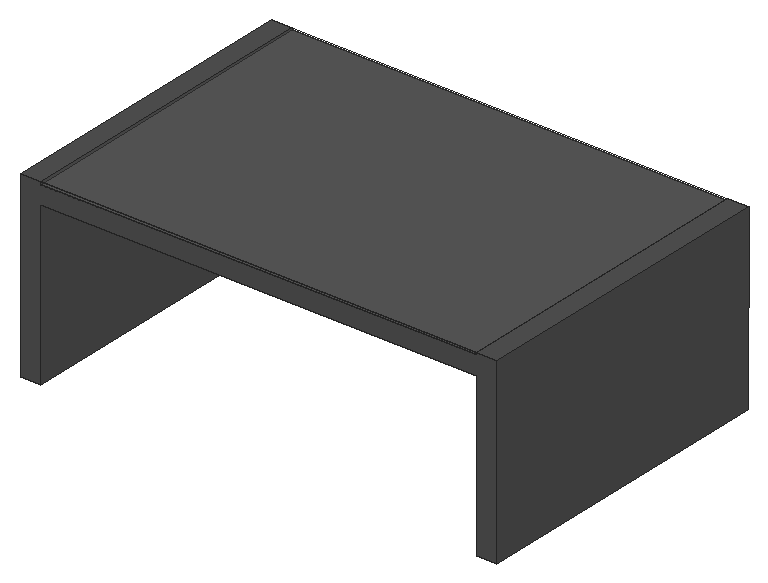
Revit family
Parameters
  Width = 1180 mm
  Thicknes = 50 mm
  Material = Paint - Black
  Height = 450 mm
  Depth = 780 mm
  Cover = Glass
Reference planes
  plane 1 "Centre (Front/Back)": y = 0
  plane 2: z = 0
  plane 3 "Centre (Left/Right)": x = 0
  plane 4 "Left": x = -590
  plane 5 "Right": x = 590
  plane 6 "Back": y = 390
  plane 7 "Front": y = -390
  plane 8 "Top": z = 450
Forms (mm)
  Extrusion 1, solid, material "Paint - Black" <- "Material"
    sketch origin (0, 390, 0) x (1, 0, 0) y (0, 0, 1)
      loop
        line (-590, 0) -> (-540, 0) -> (-540, 400) -> (540, 400) -> (540, 0) -> (590, 0) -> (590, 450) -> (540, 450) -> (540, 445) -> (-540, 445) -> (-540, 450) -> (-590, 450) -> (-590, 0)
    from 0 to 780
  Extrusion 2, solid, material "Glass" <- "Cover"
    sketch origin (0, 390, 0) x (1, 0, 0) y (0, 0, 1)
      loop
        line (-540, 450) -> (-540, 445) -> (540, 445) -> (540, 450) -> (-540, 450)
    from 0 to 780
Dimensions and locks
  "Width": plane 4 "Left" to plane 5 "Right"
  "Depth": plane 7 "Front" to plane 6 "Back"
  equal spacing: plane 4 "Left", plane 3 "Centre (Left/Right)", plane 5 "Right"
  equal spacing: plane 7 "Front", plane 1 "Centre (Front/Back)", plane 6 "Back"
  "Height": plane 8 "Top" to plane 2
  plane 8 "Top" to plane 2 = 450 mm
  "Thicknes": Extrusion 1 sketch curve to plane 4 "Left"
  "Thicknes": plane 5 "Right" to Extrusion 1 sketch curve
  "Thicknes": plane 8 "Top" to Extrusion 1 sketch curve
  plane 8 "Top" to Extrusion 1 sketch curve = 5 mm
  aligned and locked: plane 4 "Left" to Extrusion 1 sketch curve
  aligned and locked: Extrusion 1 sketch curve to plane 8 "Top"
  aligned and locked: Extrusion 1 sketch curve to plane 5 "Right"
  aligned and locked: plane 2 to Extrusion 1 sketch curve  (x2)
  aligned and locked: plane 7 "Front" to Extrusion 1
  aligned and locked: Extrusion 1 to plane 6 "Back"
  aligned and locked: Extrusion 1 sketch curve to Extrusion 1 sketch curve  (x2)
  aligned and locked: Extrusion 1 to Extrusion 2 sketch curve
  aligned and locked: Extrusion 2 sketch curve to Extrusion 1  (x2)
  aligned and locked: Extrusion 2 sketch curve to plane 8 "Top"
  aligned and locked: plane 7 "Front" to Extrusion 2
  aligned and locked: Extrusion 2 to plane 6 "Back"
Automatic sketch dimensions
  Extrusion 1 sketch curve to plane 8 "Top" = 0 mm
